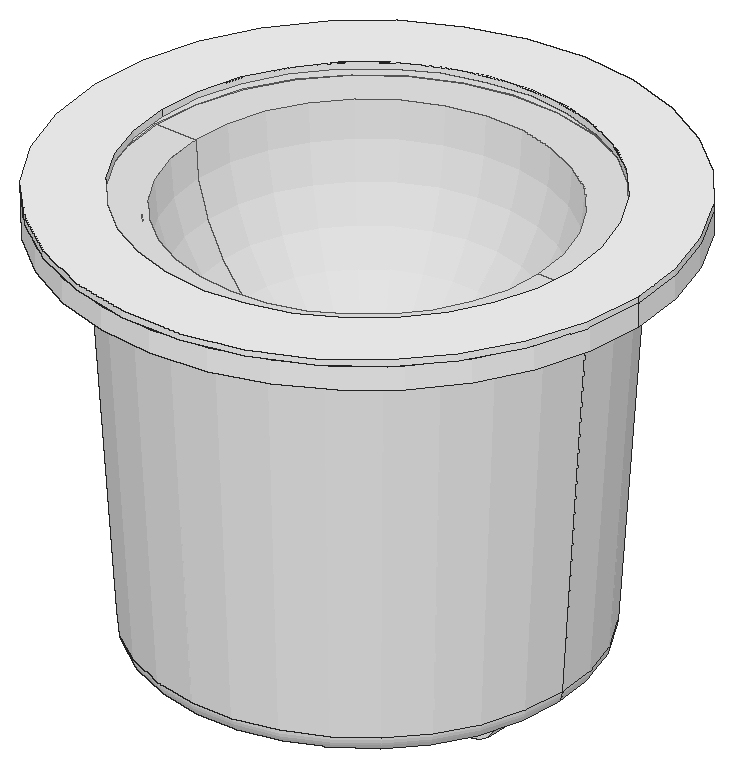
Revit family "2058886 Feilo Sylvania Lighting Fixture MYRD IP ST 3K PHDMEM BLK WBEZ", category Lighting Fixtures, host Face, Revit 2017
Family settings
  Host = Face
  Round Connector Dimension = Use Diameter
  Part Type = Normal
  OmniClass Number = 23.80.70.11.17
  OmniClass Title = Specialized Lighting by Location or Use
  Cut with Voids When Loaded = No
  Light Source = Yes
  Shared = No
  Room Calculation Point = No
Parameters
  Weight = "1.44 kg"
  Wattage = 15 W
  WarrantyStartDate [instance] = "n/a"
  WarrantyGuarantorParts = "n/a"
  WarrantyDurationUnit = "n/a"
  WarrantyDurationParts = "n/a"
  WarrantyDescription = "n/a"
  built-in parameter 1150110 = 1 (stored number, unit not read)
  Voltage = 230 V
  URL = "http://www.sylvania-lighting.com"
  TypeName = "MYRD IP ST 3K PHDMEM BLK WBEZ"
  Type Image = 0
  Type Comments = ""
  built-in parameter 1114217 = 1 (stored number, unit not read)
  Tilt Angle = -90°
  built-in parameter 1150109 = 1 (stored number, unit not read)
  built-in parameter 1150134 = (empty or 0)
  built-in parameter 1150113 = 1 (stored number, unit not read)
  SerialNumber [instance] = "n/a"
  Reflector Radius = Cutout Diameter / 2 - 2.5 mm  # 35.0 mm
  Reflector Material = Aluminum_Sylvania_Myriad_Bright
  Recessed Depth = Height  # 72.0 mm
  PowerFactor = 0
  PowerConsumption = "15 W"
  Photometric Web File = ""
  NominalWidth = 0.0 mm
  NominalLength = 76.0 mm
  NominalHeight = 72.0 mm
  Name = "MYRD IP ST 3K PHDMEM BLK WBEZ"
  ModelReference = "MYRD IP ST 3K PHDMEM BLK WBEZ"
  ModelNumber = "2058886"
  Material = "Aluminium"
  ManufacturerName = "Feilo Sylvania"
  LuminousEfficacy = "62 lm/W"
  LuminaireType = "Ceiling recessed"
  LightOutputRatio = "1"
  LampsType = Lamp  # "LED"
  LampNominalLuminous = "932 lm"
  LampMacAdamStep = "n/a"
  LampColourTemperature = "3000 K"
  LampColourRenderingIndex = "n/a"
  Keynote = "16500"
  Keynote_2 = "16500"
  InstallationDate [instance] = "n/a"
  InputVoltage = "230-240V~"
  InputNominalFrequency = "50/60 Hz"
  IngressProtection = "IP65"
  ImpactProtectionIndex = "IK02"
  IfcExportType = "IfcLightFixtureType"
  IfcExportAs = "IfcLightFixtureType"
  Height = 72.0 mm  # constant formula
  ExpectedLife = 50000
  Emit from Circle Diameter = Accessory Inner Diameter 2  # 68.0 mm
  Emit Shape Visible in Rendering = no
  ElectricShockClassification = "Class II"
  DurationUnit = "hours"
  DocumentationLiterature = "http://www.sylvania-lighting.com/product/en-int/products/2058886"
  DimmingControlOptions = "Dimmable"
  Diffuser Material = Glass_Sylvania_Myriad_Clear_4000K
  Diffuser Diameter = Cutout Diameter  # 75.0 mm
  Cutout Diameter = 75.0 mm  # constant formula
  CreatedOn = "03-11-2017"
  CreatedBy = ""
  Cost = 0
  built-in parameter 1114216 [instance] = 1 (stored number, unit not read)
  built-in parameter 1150142 = (empty or 0)
  Model = "MYRD IP ST 3K PHDMEM BLK WBEZ"
  Manufacturer = "Feilo Sylvania"  # constant formula
  built-in parameter 1150105 = 74.007 (stored number, unit not read)
  Lumens = 930 lm
  built-in parameter 1150115 = 1 (stored number, unit not read)
  built-in parameter 1150137 = (empty or 0)
  built-in parameter 1150139 = (empty or 0)
  built-in parameter 1150112 = 1 (stored number, unit not read)
  built-in parameter 1150114 = 1 (stored number, unit not read)
  Lamp = "LED"
  built-in parameter 1150132 = (empty or 0)
  built-in parameter 1150102 = (empty or 0)
  built-in parameter 1150107 = 3000 (stored number, unit not read)
  built-in parameter 1150138 = (empty or 0)
  built-in parameter 1150106 = 0.74007 (stored number, unit not read)
  built-in parameter 1150104 = 5.76 (stored number, unit not read)
  Dimming Lamp Color Temperature Shift = (empty or 0)
  Description = "Supplied complete with electronic control gear Compact Fluorescent low energy downlight Emergency version passes through the cut out Ideal for low level orientation lighting New range of Architectural accessories each providing a different lit dimension New completely flush plaster up accessory ring for clean ceiling lines and smooth finish Order lamp separately"  # constant formula
  Default Elevation = 0.0 mm
  Color Filter = 16777215
  built-in parameter 1140040 [instance] = 1
  Body Radius = Reflector Radius + 1.5 mm  # 36.5 mm
  Body Material = Aluminum_Sylvania_Myriad_Gray
  BarCode [instance] = "n/a"
  built-in parameter 1114218 = 1 (stored number, unit not read)
  built-in parameter 1150133 = 10 (stored number, unit not read)
  AssetType = "Fixed"
  AssetIdentifier [instance] = "n/a"
  Assembly Code = "D5020200"
  Apparent Load = 15 VA
  Accessory Material = Aluminum_Sylvania_Myriad_White
  Accessory Inner Diameter 2 = Accessory Diameter - 22.0 mm  # 68.0 mm
  Accessory Inner Diameter 1 = Accessory Diameter - 2.0 mm  # 88.0 mm
  Accessory Diameter = Cutout Diameter + 15.0 mm  # 90.0 mm
Reference planes
  plane 1 "Center (Front/Back)": y = 0
  plane 2: z = 0
  plane 3 "Center (Left/Right)": x = 0
  plane 4: z = 2
  plane 5 "Fixture Bottom": z = 4.5
  plane 6: z = -28.5
  plane 7: z = -61.5
  plane 8 "Fixture Top": z = -67.5
  plane 9: z = 3.5
Forms (mm)
  Revolve 1, solid, material "Aluminum_Sylvania_Myriad_Bright" <- "Reflector Material", detail levels fine
    sketch origin (0, 0, 0) x (1, 0, 0) y (0, 0, 1)
      loop
        line (0, -27.515) -> (-6, -27.515)
        arc (-6, -27.515) -> (-22.333, -16.632) -> (-28.5, 2) r 30.135
        line (-28.5, 2) -> (-35, 2) -> (-35, 0) -> (-29.184, 0)
        arc (-29.184, 0) -> (-22.423, -18.18) -> (-6, -28.5) r 30.204
        line (-6, -28.5) -> (0, -28.5) -> (0, -27.515)
      axis (0, -28.5) -> (0, 2)
    angle from 0 to 360
  Revolve 2, solid, material "Aluminum_Sylvania_Myriad_Gray" <- "Body Material", detail levels fine
    sketch origin (0, 0, 0) x (1, 0, 0) y (0, 0, 1)
      loop
        line (-44, 2) -> (-44, 0) -> (-36.5, 0) -> (-32.42, -58.708)
        arc (-32.42, -58.708) -> (-31.474, -60.694) -> (-29.428, -61.5) r 3
        line (-29.428, -61.5) -> (0, -61.5) -> (0, -28.5) -> (-6, -28.5)
        arc (-6, -28.5) -> (-22.423, -18.18) -> (-29.184, 0) r 30.204
        line (-29.184, 0) -> (-35, 0) -> (-35, 2) -> (-44, 2)
      axis (0, 2) -> (0, -61.5)
    angle from 0 to 360
  Extrusion 3, solid, material "Aluminum_Sylvania_Myriad_Gray" <- "Body Material", detail levels fine
    sketch origin (0, 0, 0) x (1, 0, 0) y (0, 0, 1)
      loop
        line (-13.5, -67.5) -> (21, -67.5)
        arc (21, -67.5) -> (23.828, -66.328) -> (25, -63.5) r 4
        line (25, -63.5) -> (25, -61.5) -> (-17.5, -61.5) -> (-17.5, -63.5)
        arc (-17.5, -63.5) -> (-16.328, -66.328) -> (-13.5, -67.5) r 4
    from -4.5 to 4.5
  Extrusion 4, solid, material "Aluminum_Sylvania_Myriad_White" <- "Accessory Material", detail levels fine
    sketch origin (0, 0, 0) x (1, 0, 0) y (0, 1, 0)
      loop
        circle (0, 0) r 45
      loop
        circle (0, 0) r 44
    from 0 to 3.5
  Extrusion 5, solid, material "Aluminum_Sylvania_Myriad_White" <- "Accessory Material", detail levels fine
    sketch origin (0, 0, 0) x (1, 0, 0) y (0, 1, 0)
      loop
        circle (0, 0) r 45
      loop
        circle (0, 0) r 34
    from 3.5 to 4.5
  Extrusion 6, solid, material "Aluminum_Sylvania_Myriad_White" <- "Accessory Material", detail levels coarse+medium
    sketch origin (0, 0, 0) x (1, 0, 0) y (0, 1, 0)
      loop
        circle (0, 0) r 45
    from 0 to 4.5
  Revolve 7, solid, detail levels coarse+medium
    sketch origin (0, 0, 0) x (1, 0, 0) y (0, 0, 1)
      loop
        line (36.5, 0) -> (0, 0) -> (0, -61.5) -> (32.226, -61.5) -> (36.5, 0)
      axis (0, 0) -> (0, -61.5)
    angle from 0 to 360
  Extrusion 8, void
    sketch origin (0, 0, 0) x (1, 0, 0) y (0, 1, 0)
      loop
        circle (0, 0) r 37.5
    from -67.5 to 0
  Extrusion 9, solid, material "Glass_Sylvania_Myriad_Clear_4000K" <- "Diffuser Material", detail levels fine
    sketch origin (0, 0, 0) x (1, 0, 0) y (0, 1, 0)
      loop
        circle (0, 0) r 37.5
    from 2 to 3.5
Cuts and joins
  joined: Extrusion 4, Extrusion 5
Lines and regions (mm)
  Masking region 1
    outline origin (0, 0, 0) x (1, 0, 0) y (0, 1, 0)
      loop
        circle (0, 0) r 45
  symbolic lines
    curve 1: arc (-34, 0, 0) -> (0, 34, 0) -> (34, 0, 0) r 34
    curve 2: arc (34, 0, 0) -> (0, -34, 0) -> (-34, 0, 0) r 34
Dimensions and locks
  locked: plane 7 to plane 8 "Fixture Top" at 6
  "Body Radius": Revolve 7 sketch curve to plane 3 "Center (Left/Right)"
  locked: Revolve 7 sketch curve to Revolve 7 sketch curve at 4.274
  plane 5 "Fixture Bottom" to plane 9 to plane 4 to plane 2 to plane 6 = 1.0 mm locked, 1.5 mm locked, 2.0 mm locked, 28.5 mm locked
  "Reflector Radius": Revolve 1 sketch curve to plane 3 "Center (Left/Right)"
  Revolve 1 sketch curve to Revolve 1 sketch curve to Revolve 1 sketch curve to Revolve 1 sketch curve = 6.5 mm locked, 22.5 mm locked, 0.0 mm locked
  "Reflector Radius": plane 3 "Center (Left/Right)" to Revolve 2 sketch curve
  Revolve 2 sketch curve to Revolve 2 sketch curve to Revolve 2 sketch curve = 7.5 mm locked, 1.5 mm locked
  Revolve 2 sketch curve to Revolve 2 sketch curve to Revolve 2 sketch curve = 5.816 mm locked, 23.184 mm locked
  Revolve 2 sketch curve to Revolve 2 sketch curve to Revolve 2 sketch curve = 2.58 mm locked, 2.993 mm locked
  "Accessory Diameter": diameter of Extrusion 4 sketch curve
  "Accessory Inner Diameter 1": diameter of Extrusion 4 sketch curve
  "Accessory Diameter": diameter of Extrusion 5 sketch curve
  "Accessory Diameter": diameter of Extrusion 6 sketch curve
  "Cutout Diameter": diameter of Extrusion 8 sketch curve
  "Accessory Inner Diameter 2": diameter of Extrusion 5 sketch curve
  "Diffuser Diameter": diameter of Extrusion 9 sketch curve
  aligned and locked: plane 2 to host face
  aligned and locked: level to host face
  aligned and locked: plane 1 "Center (Front/Back)" to imposter light
  aligned and locked: plane 3 "Center (Left/Right)" to imposter light
  aligned and locked: Revolve 1 sketch curve to imposter light
  aligned and locked: Extrusion 3 sketch curve to plane 8 "Fixture Top"
  aligned and locked: plane 7 to Extrusion 3 sketch curve
  aligned and locked: Extrusion 4 to plane 2
  aligned and locked: plane 9 to Extrusion 4
  aligned and locked: Extrusion 5 to plane 9
  aligned and locked: plane 5 "Fixture Bottom" to Extrusion 5
  aligned and locked: Extrusion 6 to plane 2
  aligned and locked: plane 5 "Fixture Bottom" to Extrusion 6
  aligned and locked: Extrusion 8 to plane 8 "Fixture Top"
  aligned and locked: plane 2 to Extrusion 8
  aligned and locked: Masking region 1 sketch curve to Extrusion 6  (x2)
  aligned and locked: Extrusion 9 to plane 4
  aligned and locked: plane 9 to Extrusion 9
  aligned and locked: plane 4 to Revolve 2 sketch curve
  aligned and locked: Revolve 2 sketch curve to plane 2
  aligned and locked: curve 1 to cut or joined group of Extrusion 4, Extrusion 5
  aligned and locked: curve 2 to cut or joined group of Extrusion 4, Extrusion 5
  aligned and locked: imposter light to plane 5 "Fixture Bottom"
Automatic sketch dimensions
  host sketch curve to host sketch curve = 1305.563 mm
  host sketch curve to host sketch curve = 1283.632 mm
  Extrusion 3 sketch curve to plane 7 = 2.0 mm
  Extrusion 3 sketch curve to plane 3 "Center (Left/Right)" = 13.5 mm
  plane 3 "Center (Left/Right)" to Extrusion 3 sketch curve = 21.0 mm
  Extrusion 3 sketch curve to Extrusion 3 sketch curve = 4.0 mm
  Revolve 1 sketch curve to level = 0.0 mm
  Revolve 1 sketch curve to plane 3 "Center (Left/Right)" = 0.0 mm
  Revolve 1 sketch curve to plane 6 = 0.0 mm
  Revolve 1 sketch curve to plane 4 = 0.0 mm
  Revolve 1 sketch curve to Revolve 1 sketch curve = 0.684 mm
  level to Revolve 1 sketch curve = 0.88 mm
  Revolve 1 sketch curve to plane 4 = 0.363 mm
  Revolve 1 sketch curve to Revolve 1 sketch curve = 0.625 mm
  Revolve 1 sketch curve to plane 8 "Fixture Top" = 232.8 mm
  plane 5 "Fixture Bottom" to Revolve 1 sketch curve = 291.243 mm
  Revolve 2 sketch curve to plane 3 "Center (Left/Right)" = 0.0 mm  (x2)
  Revolve 2 sketch curve to plane 7 = 0.0 mm
  Revolve 2 sketch curve to plane 6 = 0.0 mm
  Revolve 2 sketch curve to level = 0.0 mm
  level to Revolve 2 sketch curve = 0.88 mm
  plane 7 to Revolve 2 sketch curve = 2.792 mm
  Revolve 2 sketch curve to plane 8 "Fixture Top" = 304.774 mm
  plane 5 "Fixture Bottom" to Revolve 2 sketch curve = 1137.105 mm
  Extrusion 4 sketch curve to Extrusion 4 sketch curve = 0.0 mm  (x2)
  plane 1 "Center (Front/Back)" to Extrusion 4 sketch curve = 0.0 mm
  Extrusion 4 sketch curve to plane 3 "Center (Left/Right)" = 0.0 mm
  Extrusion 5 sketch curve to Extrusion 5 sketch curve = 0.0 mm  (x2)
  plane 1 "Center (Front/Back)" to Extrusion 5 sketch curve = 0.0 mm
  Extrusion 5 sketch curve to plane 3 "Center (Left/Right)" = 0.0 mm
  plane 1 "Center (Front/Back)" to Extrusion 6 sketch curve = 0.0 mm
  Extrusion 6 sketch curve to plane 3 "Center (Left/Right)" = 0.0 mm
  Revolve 7 sketch curve to level = 0.0 mm
  Revolve 7 sketch curve to plane 3 "Center (Left/Right)" = 0.0 mm  (x2)
  Revolve 7 sketch curve to plane 7 = 0.0 mm
  Revolve 7 sketch curve to plane 8 "Fixture Top" = 304.774 mm
  plane 5 "Fixture Bottom" to Revolve 7 sketch curve = 43.226 mm
  plane 1 "Center (Front/Back)" to Extrusion 8 sketch curve = 0.0 mm
  Extrusion 8 sketch curve to plane 3 "Center (Left/Right)" = 0.0 mm
  plane 1 "Center (Front/Back)" to Extrusion 9 sketch curve = 0.0 mm
  Extrusion 9 sketch curve to plane 3 "Center (Left/Right)" = 0.0 mm
Connectors
  electrical at (-0.006, -0.019, -67.5), driven by "Apparent Load", driven by "Apparent Load"
    settings: on plane 8 "Fixture Top", index 1, voltage 230 V, apparent load 15 VA, apparent load phase1 15 VA, apparent load phase2 0 VA, apparent load phase3 0 VA, power factor 1, load classification "Lighting", number of poles 1, system type 30, power factor state 1, is connector primary yes, connector utility no, sub classification motor no, connector description ""
